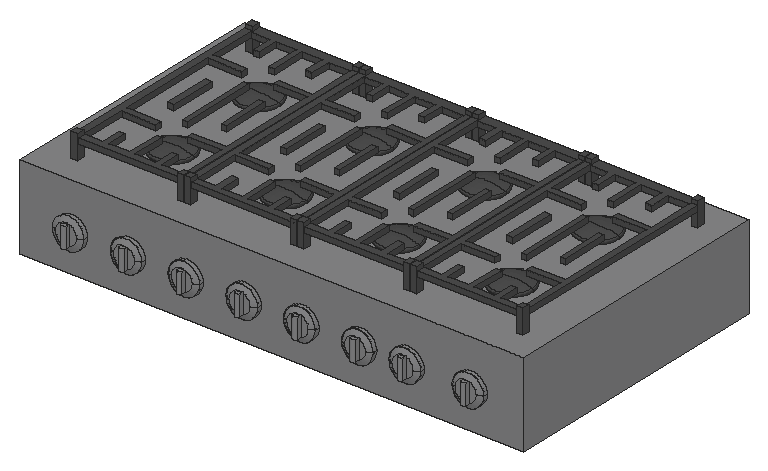
Revit family "DCS_SDA_Data_Sheet_CPV2-486GL_Cooktop_ISSUE1", category Specialty Equipment, Revit 2015
Parameters
  URL = "www.yepsketch.com"
  Model = "DCS_SDA_Data_Sheet_CPV2-486GL_Cooktop_ISSUE1"
  Manufacturer = "Fisher & Paykel"
  Author = "Yepsketch"
Reference planes (in)
  plane 1 "Center (Front/Back)": y = 0
  plane 2: z = 0
  plane 3 "Center (Left/Right)": x = 0
  plane 4: x = 23.9375
  plane 5: x = -23.9375
  plane 6: y = 14.0625
  plane 7: y = -14.0625
  plane 8: z = 9.9375
Forms (in)
  Extrusion 1, solid, material "gray"
    sketch origin (0, 0, -4) x (1, 0, 0) y (0, 1, 0)
      loop
        line (-23.9375, 14.0625) -> (-23.9375, -12.625) -> (23.9375, -12.625) -> (23.9375, 14.0625) -> (-23.9375, 14.0625)
    from 4 to 12
  Extrusion 2, solid, material "Black"
    sketch origin (0, 0, 0) x (1, 0, 0) y (0, 1, 0)
      loop
        line (-21.26891, 11.50318) -> (-21.26891, -9.99682) -> (-10.51891, -9.99682) -> (-10.51891, 11.50318) -> (-21.26891, 11.50318)
      loop
        line (-20.56491, 10.5286) -> (-20.56491, 6.03206) -> (-17.31491, 6.03206) -> (-17.31491, 5.47016) -> (-20.56491, 5.47016) -> (-20.56491, -4.21794) -> (-17.31491, -4.21794) -> (-17.31491, -4.77984) -> (-20.56491, -4.77984) -> (-20.56491, -9.29751) -> (-18.74468, -9.29751) -> (-18.74468, -7.36909) -> (-18.17514, -7.36909) -> (-18.17514, -9.29751) -> (-16.20211, -9.29751) -> (-16.20211, -6.04751) -> (-15.70211, -6.04751) -> (-15.70211, -9.29751) -> (-13.72907, -9.29751) -> (-13.72907, -7.36909) -> (-13.15954, -7.36909) -> (-13.15954, -9.29751) -> (-11.06491, -9.29751) -> (-11.06491, -4.77984) -> (-14.31491, -4.77984) -> (-14.31491, -4.21794) -> (-11.06491, -4.21794) -> (-11.06491, 5.47016) -> (-14.31491, 5.47016) -> (-14.31491, 6.03206) -> (-11.06491, 6.03206) -> (-11.06491, 10.5286) -> (-13.15954, 10.5286) -> (-13.15954, 8.60018) -> (-13.72907, 8.60018) -> (-13.72907, 10.5286) -> (-15.70211, 10.5286) -> (-15.70211, 7.2786) -> (-16.20211, 7.2786) -> (-16.20211, 10.5286) -> (-18.17514, 10.5286) -> (-18.17514, 8.60018) -> (-18.74468, 8.60018) -> (-18.74468, 10.5286) -> (-20.56491, 10.5286)
      loop
        line (-16.20171, 4.27685) -> (-16.20171, -2.97315) -> (-15.70171, -2.97315) -> (-15.70171, 4.27685) -> (-16.20171, 4.27685)
      loop
        line (-13.6126, 2.86554) -> (-13.6126, -1.63446) -> (-13.1126, -1.63446) -> (-13.1126, 2.86554) -> (-13.6126, 2.86554)
      loop
        line (-18.73573, 2.86554) -> (-18.73573, -1.63446) -> (-18.15023, -1.63446) -> (-18.15023, 2.86554) -> (-18.73573, 2.86554)
    from 9.42627 to 9.9375
  Extrusion 3, solid, material "Black"
    sketch origin (0, 0, 0) x (1, 0, 0) y (0, 0, 1)
      loop
        line (-21.26891, 10.2767) -> (-21.26891, 8) -> (-20.56491, 8) -> (-20.56491, 10.2767) -> (-21.26891, 10.2767)
    from -11.50318 to -10.80388
  Extrusion 4, solid, material "Black"
    sketch origin (-31.78888, 20.8007, 0) x (-1, 0, 0) y (0, 0, -1)
      loop
        line (-21.26997, -10.2767) -> (-20.72397, -10.2767) -> (-20.72397, -8) -> (-21.26997, -8) -> (-21.26997, -10.2767)
    from 9.29751 to 9.99682
  Extrusion 5, solid, material "Black"
    sketch origin (-31.78888, 0, 0) x (-1, 0, 0) y (0, 0, -1)
      loop
        line (-21.26997, -10.2767) -> (-20.72397, -10.2767) -> (-20.72397, -8) -> (-21.26997, -8) -> (-21.26997, -10.2767)
    from 9.29751 to 9.99682
  Extrusion 6, solid, material "Black"
    sketch origin (0, -20.75, 0) x (1, 0, 0) y (0, 0, 1)
      loop
        line (-21.26891, 10.2767) -> (-21.26891, 8) -> (-20.56491, 8) -> (-20.56491, 10.2767) -> (-21.26891, 10.2767)
    from -11.45249 to -10.75318
  Extrusion 7, solid, material "Black"
    sketch origin (10.75, 0, 0) x (1, 0, 0) y (0, 1, 0)
      loop
        line (-21.26891, 11.50318) -> (-21.26891, -9.99682) -> (-10.51891, -9.99682) -> (-10.51891, 11.50318) -> (-21.26891, 11.50318)
      loop
        line (-20.56491, 10.5286) -> (-20.56491, 6.03206) -> (-17.31491, 6.03206) -> (-17.31491, 5.47016) -> (-20.56491, 5.47016) -> (-20.56491, -4.21794) -> (-17.31491, -4.21794) -> (-17.31491, -4.77984) -> (-20.56491, -4.77984) -> (-20.56491, -9.29751) -> (-18.74468, -9.29751) -> (-18.74468, -7.36909) -> (-18.17514, -7.36909) -> (-18.17514, -9.29751) -> (-16.20211, -9.29751) -> (-16.20211, -6.04751) -> (-15.70211, -6.04751) -> (-15.70211, -9.29751) -> (-13.72907, -9.29751) -> (-13.72907, -7.36909) -> (-13.15954, -7.36909) -> (-13.15954, -9.29751) -> (-11.06491, -9.29751) -> (-11.06491, -4.77984) -> (-14.31491, -4.77984) -> (-14.31491, -4.21794) -> (-11.06491, -4.21794) -> (-11.06491, 5.47016) -> (-14.31491, 5.47016) -> (-14.31491, 6.03206) -> (-11.06491, 6.03206) -> (-11.06491, 10.5286) -> (-13.15954, 10.5286) -> (-13.15954, 8.60018) -> (-13.72907, 8.60018) -> (-13.72907, 10.5286) -> (-15.70211, 10.5286) -> (-15.70211, 7.2786) -> (-16.20211, 7.2786) -> (-16.20211, 10.5286) -> (-18.17514, 10.5286) -> (-18.17514, 8.60018) -> (-18.74468, 8.60018) -> (-18.74468, 10.5286) -> (-20.56491, 10.5286)
      loop
        line (-16.20171, 4.27685) -> (-16.20171, -2.97315) -> (-15.70171, -2.97315) -> (-15.70171, 4.27685) -> (-16.20171, 4.27685)
      loop
        line (-13.6126, 2.86554) -> (-13.6126, -1.63446) -> (-13.1126, -1.63446) -> (-13.1126, 2.86554) -> (-13.6126, 2.86554)
      loop
        line (-18.73573, 2.86554) -> (-18.73573, -1.63446) -> (-18.15023, -1.63446) -> (-18.15023, 2.86554) -> (-18.73573, 2.86554)
    from 9.42627 to 9.9375
  Extrusion 8, solid, material "Black"
    sketch origin (10.75, 0, 0) x (1, 0, 0) y (0, 0, 1)
      loop
        line (-21.26891, 10.2767) -> (-21.26891, 8) -> (-20.56491, 8) -> (-20.56491, 10.2767) -> (-21.26891, 10.2767)
    from -11.50318 to -10.80388
  Extrusion 9, solid, material "Black"
    sketch origin (-21.03888, 20.8007, 0) x (-1, 0, 0) y (0, 0, -1)
      loop
        line (-21.26997, -10.2767) -> (-20.72397, -10.2767) -> (-20.72397, -8) -> (-21.26997, -8) -> (-21.26997, -10.2767)
    from 9.29751 to 9.99682
  Extrusion 10, solid, material "Black"
    sketch origin (-21.03888, 0, 0) x (-1, 0, 0) y (0, 0, -1)
      loop
        line (-21.26997, -10.2767) -> (-20.72397, -10.2767) -> (-20.72397, -8) -> (-21.26997, -8) -> (-21.26997, -10.2767)
    from 9.29751 to 9.99682
  Extrusion 11, solid, material "Black"
    sketch origin (10.75, -20.75, 0) x (1, 0, 0) y (0, 0, 1)
      loop
        line (-21.26891, 10.2767) -> (-21.26891, 8) -> (-20.56491, 8) -> (-20.56491, 10.2767) -> (-21.26891, 10.2767)
    from -11.45249 to -10.75318
  Extrusion 12, solid, material "Black"
    sketch origin (21.5, 0, 0) x (1, 0, 0) y (0, 1, 0)
      loop
        line (-21.26891, 11.50318) -> (-21.26891, -9.99682) -> (-10.51891, -9.99682) -> (-10.51891, 11.50318) -> (-21.26891, 11.50318)
      loop
        line (-20.56491, 10.5286) -> (-20.56491, 6.03206) -> (-17.31491, 6.03206) -> (-17.31491, 5.47016) -> (-20.56491, 5.47016) -> (-20.56491, -4.21794) -> (-17.31491, -4.21794) -> (-17.31491, -4.77984) -> (-20.56491, -4.77984) -> (-20.56491, -9.29751) -> (-18.74468, -9.29751) -> (-18.74468, -7.36909) -> (-18.17514, -7.36909) -> (-18.17514, -9.29751) -> (-16.20211, -9.29751) -> (-16.20211, -6.04751) -> (-15.70211, -6.04751) -> (-15.70211, -9.29751) -> (-13.72907, -9.29751) -> (-13.72907, -7.36909) -> (-13.15954, -7.36909) -> (-13.15954, -9.29751) -> (-11.06491, -9.29751) -> (-11.06491, -4.77984) -> (-14.31491, -4.77984) -> (-14.31491, -4.21794) -> (-11.06491, -4.21794) -> (-11.06491, 5.47016) -> (-14.31491, 5.47016) -> (-14.31491, 6.03206) -> (-11.06491, 6.03206) -> (-11.06491, 10.5286) -> (-13.15954, 10.5286) -> (-13.15954, 8.60018) -> (-13.72907, 8.60018) -> (-13.72907, 10.5286) -> (-15.70211, 10.5286) -> (-15.70211, 7.2786) -> (-16.20211, 7.2786) -> (-16.20211, 10.5286) -> (-18.17514, 10.5286) -> (-18.17514, 8.60018) -> (-18.74468, 8.60018) -> (-18.74468, 10.5286) -> (-20.56491, 10.5286)
      loop
        line (-16.20171, 4.27685) -> (-16.20171, -2.97315) -> (-15.70171, -2.97315) -> (-15.70171, 4.27685) -> (-16.20171, 4.27685)
      loop
        line (-13.6126, 2.86554) -> (-13.6126, -1.63446) -> (-13.1126, -1.63446) -> (-13.1126, 2.86554) -> (-13.6126, 2.86554)
      loop
        line (-18.73573, 2.86554) -> (-18.73573, -1.63446) -> (-18.15023, -1.63446) -> (-18.15023, 2.86554) -> (-18.73573, 2.86554)
    from 9.42627 to 9.9375
  Extrusion 13, solid, material "Black"
    sketch origin (21.5, 0, 0) x (1, 0, 0) y (0, 0, 1)
      loop
        line (-21.26891, 10.2767) -> (-21.26891, 8) -> (-20.56491, 8) -> (-20.56491, 10.2767) -> (-21.26891, 10.2767)
    from -11.50318 to -10.80388
  Extrusion 14, solid, material "Black"
    sketch origin (-10.28888, 20.8007, 0) x (-1, 0, 0) y (0, 0, -1)
      loop
        line (-21.26997, -10.2767) -> (-20.72397, -10.2767) -> (-20.72397, -8) -> (-21.26997, -8) -> (-21.26997, -10.2767)
    from 9.29751 to 9.99682
  Extrusion 15, solid, material "Black"
    sketch origin (-10.28888, 0, 0) x (-1, 0, 0) y (0, 0, -1)
      loop
        line (-21.26997, -10.2767) -> (-20.72397, -10.2767) -> (-20.72397, -8) -> (-21.26997, -8) -> (-21.26997, -10.2767)
    from 9.29751 to 9.99682
  Extrusion 16, solid, material "Black"
    sketch origin (21.5, -20.75, 0) x (1, 0, 0) y (0, 0, 1)
      loop
        line (-21.26891, 10.2767) -> (-21.26891, 8) -> (-20.56491, 8) -> (-20.56491, 10.2767) -> (-21.26891, 10.2767)
    from -11.45249 to -10.75318
  Extrusion 17, solid, material "gray"
    sketch origin (0, 0, 0) x (1, 0, 0) y (0, 0, 1)
      loop
        circle (-19.06919, 3.63942) r 1.5
    from 12.625 to 13
  Blend 18, solid, material "gray"
    base sketch origin (0, 0, 0) x (1, 0, 0) y (0, 0, 1)
      loop
        circle (-19.06919, 3.63942) r 1.5
    top sketch origin (0, 0, 0) x (1, 0, 0) y (0, 0, 1)
      loop
        circle (-19.06919, 3.63942) r 1
    from 13 to 13.25
  Extrusion 19, solid, material "gray"
    sketch origin (0, 0, 0) x (1, 0, 0) y (0, 0, 1)
      loop
        line (-19.3125, 4.59794) -> (-19.3125, 2.67857) -> (-18.79481, 2.67857) -> (-18.79481, 4.59794) -> (-19.3125, 4.59794)
    from 13.17783 to 13.75
  Extrusion 20, void
    sketch origin (0, 0, 0) x (1, 0, 0) y (0, 1, 0)
      loop
        arc (-18.77919, -13.46875) -> (-19.05366, -13.74322) -> (-19.32813, -13.46875) r 0.27447
        line (-19.32813, -13.46875) -> (-19.32813, -13.86031) -> (-18.77919, -13.86031) -> (-18.77919, -13.46875)
    from 2.37065 to 4.87933
  Extrusion 21, solid, material "gray"
    sketch origin (5.5, 0, 0) x (1, 0, 0) y (0, 0, 1)
      loop
        circle (-19.06919, 3.63942) r 1.5
    from 12.625 to 13
  Blend 22, solid, material "gray"
    base sketch origin (5.5, 0, 0) x (1, 0, 0) y (0, 0, 1)
      loop
        circle (-19.06919, 3.63942) r 1.5
    top sketch origin (5.5, 0, 0) x (1, 0, 0) y (0, 0, 1)
      loop
        circle (-19.06919, 3.63942) r 1
    from 13 to 13.25
  Extrusion 23, solid, material "gray"
    sketch origin (5.5, 0, 0) x (1, 0, 0) y (0, 0, 1)
      loop
        line (-19.3125, 4.59794) -> (-19.3125, 2.67857) -> (-18.79481, 2.67857) -> (-18.79481, 4.59794) -> (-19.3125, 4.59794)
    from 13.17783 to 13.75
  Extrusion 24, void
    sketch origin (5.5, 0, 0) x (1, 0, 0) y (0, 1, 0)
      loop
        arc (-18.77919, -13.46875) -> (-19.05366, -13.74322) -> (-19.32813, -13.46875) r 0.27447
        line (-19.32813, -13.46875) -> (-19.32813, -13.86031) -> (-18.77919, -13.86031) -> (-18.77919, -13.46875)
    from 2.10934 to 4.59794
  Extrusion 25, solid, material "gray"
    sketch origin (11, 0, 0) x (1, 0, 0) y (0, 0, 1)
      loop
        circle (-19.06919, 3.63942) r 1.5
    from 12.625 to 13
  Blend 26, solid, material "gray"
    base sketch origin (11, 0, 0) x (1, 0, 0) y (0, 0, 1)
      loop
        circle (-19.06919, 3.63942) r 1.5
    top sketch origin (11, 0, 0) x (1, 0, 0) y (0, 0, 1)
      loop
        circle (-19.06919, 3.63942) r 1
    from 13 to 13.25
  Extrusion 27, solid, material "gray"
    sketch origin (11, 0, 0) x (1, 0, 0) y (0, 0, 1)
      loop
        line (-19.3125, 4.59794) -> (-19.3125, 2.67857) -> (-18.79481, 2.67857) -> (-18.79481, 4.59794) -> (-19.3125, 4.59794)
    from 13.17783 to 13.75
  Extrusion 28, void
    sketch origin (11, 0, 0) x (1, 0, 0) y (0, 1, 0)
      loop
        arc (-18.77919, -13.46875) -> (-19.05366, -13.74322) -> (-19.32813, -13.46875) r 0.27447
        line (-19.32813, -13.46875) -> (-19.32813, -13.86031) -> (-18.77919, -13.86031) -> (-18.77919, -13.46875)
    from 2.10934 to 4.59794
  Extrusion 29, solid, material "gray"
    sketch origin (22, 0, 0) x (1, 0, 0) y (0, 0, 1)
      loop
        circle (-19.06919, 3.63942) r 1.5
    from 12.625 to 13
  Blend 30, solid, material "gray"
    base sketch origin (22, 0, 0) x (1, 0, 0) y (0, 0, 1)
      loop
        circle (-19.06919, 3.63942) r 1.5
    top sketch origin (22, 0, 0) x (1, 0, 0) y (0, 0, 1)
      loop
        circle (-19.06919, 3.63942) r 1
    from 13 to 13.25
  Extrusion 31, solid, material "gray"
    sketch origin (22, 0, 0) x (1, 0, 0) y (0, 0, 1)
      loop
        line (-19.3125, 4.59794) -> (-19.3125, 2.67857) -> (-18.79481, 2.67857) -> (-18.79481, 4.59794) -> (-19.3125, 4.59794)
    from 13.17783 to 13.75
  Extrusion 32, void
    sketch origin (22, 0, 0) x (1, 0, 0) y (0, 1, 0)
      loop
        arc (-18.77919, -13.46875) -> (-19.05366, -13.74322) -> (-19.32813, -13.46875) r 0.27447
        line (-19.32813, -13.46875) -> (-19.32813, -13.86031) -> (-18.77919, -13.86031) -> (-18.77919, -13.46875)
    from 2.10934 to 4.59794
  Extrusion 33, solid, material "gray"
    sketch origin (27.5, 0, 0) x (1, 0, 0) y (0, 0, 1)
      loop
        circle (-19.06919, 3.63942) r 1.5
    from 12.625 to 13
  Blend 34, solid, material "gray"
    base sketch origin (27.5, 0, 0) x (1, 0, 0) y (0, 0, 1)
      loop
        circle (-19.06919, 3.63942) r 1.5
    top sketch origin (27.5, 0, 0) x (1, 0, 0) y (0, 0, 1)
      loop
        circle (-19.06919, 3.63942) r 1
    from 13 to 13.25
  Extrusion 35, solid, material "gray"
    sketch origin (27.5, 0, 0) x (1, 0, 0) y (0, 0, 1)
      loop
        line (-19.3125, 4.59794) -> (-19.3125, 2.67857) -> (-18.79481, 2.67857) -> (-18.79481, 4.59794) -> (-19.3125, 4.59794)
    from 13.17783 to 13.75
  Extrusion 36, void
    sketch origin (27.5, 0, 0) x (1, 0, 0) y (0, 1, 0)
      loop
        arc (-18.77919, -13.46875) -> (-19.05366, -13.74322) -> (-19.32813, -13.46875) r 0.27447
        line (-19.32813, -13.46875) -> (-19.32813, -13.86031) -> (-18.77919, -13.86031) -> (-18.77919, -13.46875)
    from 2.10934 to 4.59794
  Extrusion 37, solid, material "gray"
    sketch origin (32, 0, 0) x (1, 0, 0) y (0, 0, 1)
      loop
        circle (-19.06919, 3.63942) r 1.5
    from 12.625 to 13
  Blend 38, solid, material "gray"
    base sketch origin (32, 0, 0) x (1, 0, 0) y (0, 0, 1)
      loop
        circle (-19.06919, 3.63942) r 1.5
    top sketch origin (32, 0, 0) x (1, 0, 0) y (0, 0, 1)
      loop
        circle (-19.06919, 3.63942) r 1
    from 13 to 13.25
  Extrusion 39, solid, material "gray"
    sketch origin (32, 0, 0) x (1, 0, 0) y (0, 0, 1)
      loop
        line (-19.3125, 4.59794) -> (-19.3125, 2.67857) -> (-18.79481, 2.67857) -> (-18.79481, 4.59794) -> (-19.3125, 4.59794)
    from 13.17783 to 13.75
  Extrusion 40, void
    sketch origin (32, 0, 0) x (1, 0, 0) y (0, 1, 0)
      loop
        arc (-18.77919, -13.46875) -> (-19.05366, -13.74322) -> (-19.32813, -13.46875) r 0.27447
        line (-19.32813, -13.46875) -> (-19.32813, -13.86031) -> (-18.77919, -13.86031) -> (-18.77919, -13.46875)
    from 2.10934 to 4.59794
  Revolve 41, solid, material "Black"
    sketch origin (0.36666, 5.74142, -0.67974) x (1, 0, 0) y (0, 0, 1)
      loop
        line (-16.31837, 9.27803) -> (-16.31837, 8.69622) -> (-14.42774, 8.69622)
        arc (-14.42774, 8.69622) -> (-14.30321, 8.81043) -> (-14.40625, 8.94436) r 0.125
        arc (-14.40625, 8.94436) -> (-15.34439, 9.21391) -> (-16.31837, 9.27803) r 4.5686
      axis (-16.31837, 9.27803) -> (-16.31837, 8.69622)
    angle from 0 to 360
  Revolve 42, solid, material "Black"
    sketch origin (11.11666, 5.74142, -0.67974) x (1, 0, 0) y (0, 0, 1)
      loop
        line (-16.31837, 9.27803) -> (-16.31837, 8.69622) -> (-14.42774, 8.69622)
        arc (-14.42774, 8.69622) -> (-14.30321, 8.81043) -> (-14.40625, 8.94436) r 0.125
        arc (-14.40625, 8.94436) -> (-15.34439, 9.21391) -> (-16.31837, 9.27803) r 4.5686
      axis (-16.31837, 9.27803) -> (-16.31837, 8.69622)
    angle from 0 to 360
  Revolve 43, solid, material "Black"
    sketch origin (21.86666, 5.74142, -0.67974) x (1, 0, 0) y (0, 0, 1)
      loop
        line (-16.31837, 9.27803) -> (-16.31837, 8.69622) -> (-14.42774, 8.69622)
        arc (-14.42774, 8.69622) -> (-14.30321, 8.81043) -> (-14.40625, 8.94436) r 0.125
        arc (-14.40625, 8.94436) -> (-15.34439, 9.21391) -> (-16.31837, 9.27803) r 4.5686
      axis (-16.31837, 9.27803) -> (-16.31837, 8.69622)
    angle from 0 to 360
  Revolve 44, solid, material "Black"
    sketch origin (21.86666, -4.51033, -0.67974) x (1, 0, 0) y (0, 0, 1)
      loop
        line (-16.31837, 9.27803) -> (-16.31837, 8.69622) -> (-14.42774, 8.69622)
        arc (-14.42774, 8.69622) -> (-14.30321, 8.81043) -> (-14.40625, 8.94436) r 0.125
        arc (-14.40625, 8.94436) -> (-15.34439, 9.21391) -> (-16.31837, 9.27803) r 4.5686
      axis (-16.31837, 9.27803) -> (-16.31837, 8.69622)
    angle from 0 to 360
  Revolve 45, solid, material "Black"
    sketch origin (11.11706, -4.51033, -0.67974) x (1, 0, 0) y (0, 0, 1)
      loop
        line (-16.31837, 9.27803) -> (-16.31837, 8.69622) -> (-14.42774, 8.69622)
        arc (-14.42774, 8.69622) -> (-14.30321, 8.81043) -> (-14.40625, 8.94436) r 0.125
        arc (-14.40625, 8.94436) -> (-15.34439, 9.21391) -> (-16.31837, 9.27803) r 4.5686
      axis (-16.31837, 9.27803) -> (-16.31837, 8.69622)
    angle from 0 to 360
  Revolve 46, solid, material "Black"
    sketch origin (0.36706, -4.51033, -0.67974) x (1, 0, 0) y (0, 0, 1)
      loop
        line (-16.31837, 9.27803) -> (-16.31837, 8.69622) -> (-14.42774, 8.69622)
        arc (-14.42774, 8.69622) -> (-14.30321, 8.81043) -> (-14.40625, 8.94436) r 0.125
        arc (-14.40625, 8.94436) -> (-15.34439, 9.21391) -> (-16.31837, 9.27803) r 4.5686
      axis (-16.31837, 9.27803) -> (-16.31837, 8.69622)
    angle from 0 to 360
  Revolve 47, solid, material "gray"
    sketch origin (0, 13.25, -0.27594) x (1, 0, 0) y (0, 0, 1)
      loop
        line (-13.30258, -2.47406) -> (-13.19713, -2.47406) -> (-13.19713, -0.12761) -> (-12.94713, -0.12761) -> (-12.94713, 0.27594) -> (-13.30258, 0.27594) -> (-13.30258, -2.47406)
      axis (-13.30258, 0.27594) -> (-13.30258, -2.47406)
    angle from 0 to 360
  Revolve 48, solid
    sketch origin (0, 13.25, -0.21878) x (1, 0, 0) y (0, 0, 1)
      loop
        line (-20.74496, 0.21878) -> (-20.74496, -4.13834) -> (-19.99496, -4.13834) -> (-19.99496, -0.46766) -> (-20.31769, -0.46766) -> (-20.31769, 0.21878) -> (-20.74496, 0.21878)
      axis (-20.74496, 0.21878) -> (-20.74496, -4.13834)
    angle from 0 to 360
  Extrusion 49, solid
    sketch origin (0, 13.25, -0.21878) x (1, 0, 0) y (0, 0, 1)
      loop
        line (-22.20935, -0.81002) -> (-22.20935, -3.9603) -> (-19.36573, -3.9603) -> (-19.36573, -0.81002) -> (-22.20935, -0.81002)
    from -0.83521 to 0.83522
  Blend 50, solid
    base sketch origin (0, 13.25, -0.21878) x (1, 0, 0) y (0, 0, 1)
      loop
        circle (-20.78754, -2.42698) r 1.16161
    top sketch origin (0, 0, -0.21878) x (1, 0, 0) y (0, 0, 1)
      loop
        circle (-20.78754, -2.42698) r 0.91768
    from 0.83522 to -12.25
  Extrusion 51, solid
    sketch origin (0, 13.25, -0.21878) x (1, 0, 0) y (0, 0, 1)
      loop
        circle (-20.79683, -2.41769) r 0.5
    from 1 to 1.74247
  Extrusion 52, solid, material "Black"
    sketch origin (32.25, 0, 0) x (1, 0, 0) y (0, 1, 0)
      loop
        line (-21.26891, 11.50318) -> (-21.26891, -9.99682) -> (-10.51891, -9.99682) -> (-10.51891, 11.50318) -> (-21.26891, 11.50318)
      loop
        line (-20.56491, 10.5286) -> (-20.56491, 6.03206) -> (-17.31491, 6.03206) -> (-17.31491, 5.47016) -> (-20.56491, 5.47016) -> (-20.56491, -4.21794) -> (-17.31491, -4.21794) -> (-17.31491, -4.77984) -> (-20.56491, -4.77984) -> (-20.56491, -9.29751) -> (-18.74468, -9.29751) -> (-18.74468, -7.36909) -> (-18.17514, -7.36909) -> (-18.17514, -9.29751) -> (-16.20211, -9.29751) -> (-16.20211, -6.04751) -> (-15.70211, -6.04751) -> (-15.70211, -9.29751) -> (-13.72907, -9.29751) -> (-13.72907, -7.36909) -> (-13.15954, -7.36909) -> (-13.15954, -9.29751) -> (-11.06491, -9.29751) -> (-11.06491, -4.77984) -> (-14.31491, -4.77984) -> (-14.31491, -4.21794) -> (-11.06491, -4.21794) -> (-11.06491, 5.47016) -> (-14.31491, 5.47016) -> (-14.31491, 6.03206) -> (-11.06491, 6.03206) -> (-11.06491, 10.5286) -> (-13.15954, 10.5286) -> (-13.15954, 8.60018) -> (-13.72907, 8.60018) -> (-13.72907, 10.5286) -> (-15.70211, 10.5286) -> (-15.70211, 7.2786) -> (-16.20211, 7.2786) -> (-16.20211, 10.5286) -> (-18.17514, 10.5286) -> (-18.17514, 8.60018) -> (-18.74468, 8.60018) -> (-18.74468, 10.5286) -> (-20.56491, 10.5286)
      loop
        line (-16.20171, 4.27685) -> (-16.20171, -2.97315) -> (-15.70171, -2.97315) -> (-15.70171, 4.27685) -> (-16.20171, 4.27685)
      loop
        line (-13.6126, 2.86554) -> (-13.6126, -1.63446) -> (-13.1126, -1.63446) -> (-13.1126, 2.86554) -> (-13.6126, 2.86554)
      loop
        line (-18.73573, 2.86554) -> (-18.73573, -1.63446) -> (-18.15023, -1.63446) -> (-18.15023, 2.86554) -> (-18.73573, 2.86554)
    from 9.42627 to 9.9375
  Extrusion 53, solid, material "Black"
    sketch origin (32.25, 0, 0) x (1, 0, 0) y (0, 0, 1)
      loop
        line (-21.26891, 10.2767) -> (-21.26891, 8) -> (-20.56491, 8) -> (-20.56491, 10.2767) -> (-21.26891, 10.2767)
    from -11.50318 to -10.80388
  Extrusion 54, solid, material "Black"
    sketch origin (0.46112, 20.8007, 0) x (-1, 0, 0) y (0, 0, -1)
      loop
        line (-21.26997, -10.2767) -> (-20.72397, -10.2767) -> (-20.72397, -8) -> (-21.26997, -8) -> (-21.26997, -10.2767)
    from 9.29751 to 9.99682
  Extrusion 55, solid, material "Black"
    sketch origin (0.46112, 0, 0) x (-1, 0, 0) y (0, 0, -1)
      loop
        line (-21.26997, -10.2767) -> (-20.72397, -10.2767) -> (-20.72397, -8) -> (-21.26997, -8) -> (-21.26997, -10.2767)
    from 9.29751 to 9.99682
  Extrusion 56, solid, material "Black"
    sketch origin (32.25, -20.75, 0) x (1, 0, 0) y (0, 0, 1)
      loop
        line (-21.26891, 10.2767) -> (-21.26891, 8) -> (-20.56491, 8) -> (-20.56491, 10.2767) -> (-21.26891, 10.2767)
    from -11.45249 to -10.75318
  Revolve 57, solid, material "Black"
    sketch origin (32.61666, 5.74142, -0.67974) x (1, 0, 0) y (0, 0, 1)
      loop
        line (-16.31837, 9.27803) -> (-16.31837, 8.69622) -> (-14.42774, 8.69622)
        arc (-14.42774, 8.69622) -> (-14.30321, 8.81043) -> (-14.40625, 8.94436) r 0.125
        arc (-14.40625, 8.94436) -> (-15.34439, 9.21391) -> (-16.31837, 9.27803) r 4.5686
      axis (-16.31837, 9.27803) -> (-16.31837, 8.69622)
    angle from 0 to 360
  Revolve 58, solid, material "Black"
    sketch origin (32.61666, -4.51033, -0.67974) x (1, 0, 0) y (0, 0, 1)
      loop
        line (-16.31837, 9.27803) -> (-16.31837, 8.69622) -> (-14.42774, 8.69622)
        arc (-14.42774, 8.69622) -> (-14.30321, 8.81043) -> (-14.40625, 8.94436) r 0.125
        arc (-14.40625, 8.94436) -> (-15.34439, 9.21391) -> (-16.31837, 9.27803) r 4.5686
      axis (-16.31837, 9.27803) -> (-16.31837, 8.69622)
    angle from 0 to 360
  Extrusion 59, solid, material "gray"
    sketch origin (16.5, 0, 0) x (1, 0, 0) y (0, 0, 1)
      loop
        circle (-19.06919, 3.63942) r 1.5
    from 12.625 to 13
  Blend 60, solid, material "gray"
    base sketch origin (16.5, 0, 0) x (1, 0, 0) y (0, 0, 1)
      loop
        circle (-19.06919, 3.63942) r 1.5
    top sketch origin (16.5, 0, 0) x (1, 0, 0) y (0, 0, 1)
      loop
        circle (-19.06919, 3.63942) r 1
    from 13 to 13.25
  Extrusion 61, solid, material "gray"
    sketch origin (16.5, 0, 0) x (1, 0, 0) y (0, 0, 1)
      loop
        line (-19.3125, 4.59794) -> (-19.3125, 2.67857) -> (-18.79481, 2.67857) -> (-18.79481, 4.59794) -> (-19.3125, 4.59794)
    from 13.17783 to 13.75
  Extrusion 62, void
    sketch origin (16.5, 0, 0) x (1, 0, 0) y (0, 1, 0)
      loop
        arc (-18.77919, -13.46875) -> (-19.05366, -13.74322) -> (-19.32813, -13.46875) r 0.27447
        line (-19.32813, -13.46875) -> (-19.32813, -13.86031) -> (-18.77919, -13.86031) -> (-18.77919, -13.46875)
    from 2.10934 to 4.59794
  Extrusion 63, solid, material "gray"
    sketch origin (38, 0, 0) x (1, 0, 0) y (0, 0, 1)
      loop
        circle (-19.06919, 3.63942) r 1.5
    from 12.625 to 13
  Blend 64, solid, material "gray"
    base sketch origin (38, 0, 0) x (1, 0, 0) y (0, 0, 1)
      loop
        circle (-19.06919, 3.63942) r 1.5
    top sketch origin (38, 0, 0) x (1, 0, 0) y (0, 0, 1)
      loop
        circle (-19.06919, 3.63942) r 1
    from 13 to 13.25
  Extrusion 65, solid, material "gray"
    sketch origin (38, 0, 0) x (1, 0, 0) y (0, 0, 1)
      loop
        line (-19.3125, 4.59794) -> (-19.3125, 2.67857) -> (-18.79481, 2.67857) -> (-18.79481, 4.59794) -> (-19.3125, 4.59794)
    from 13.17783 to 13.75
  Extrusion 66, void
    sketch origin (38, 0, 0) x (1, 0, 0) y (0, 1, 0)
      loop
        arc (-18.77919, -13.46875) -> (-19.05366, -13.74322) -> (-19.32813, -13.46875) r 0.27447
        line (-19.32813, -13.46875) -> (-19.32813, -13.86031) -> (-18.77919, -13.86031) -> (-18.77919, -13.46875)
    from 2.10934 to 4.59794
Cuts and joins
  Extrusion 20, Extrusion 24 cuts Extrusion 17
  Extrusion 20, Extrusion 24 cuts Blend 18
  Extrusion 20, Extrusion 24 cuts Extrusion 19
  joined: Extrusion 17, Blend 18, Extrusion 19
  Extrusion 66 cuts Extrusion 1
  Extrusion 24, Extrusion 28 cuts Extrusion 23
  Extrusion 28, Extrusion 32 cuts Extrusion 27
  Extrusion 32, Extrusion 36, Extrusion 62 cuts Extrusion 31
  Extrusion 36, Extrusion 40 cuts Extrusion 35
  Extrusion 40, Extrusion 66 cuts Extrusion 39
  Extrusion 62 cuts Extrusion 61
  Extrusion 66 cuts Extrusion 65
Dimensions and locks (in)
  aligned and locked: level to plane 2
